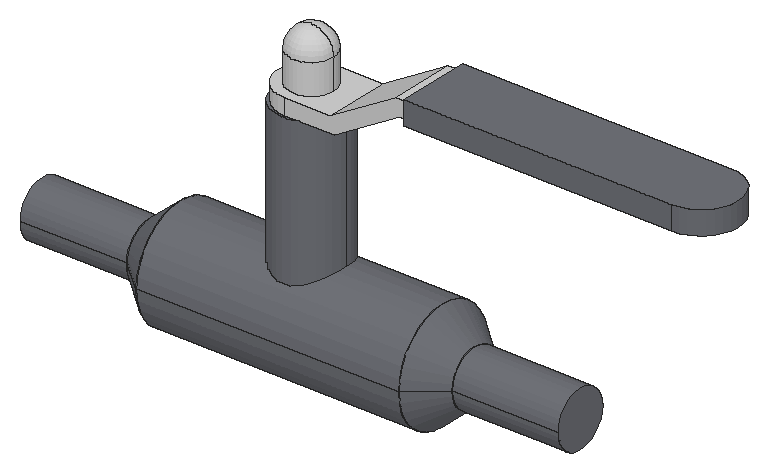
Revit family "РИДАН_RJIP Premium FB_WW_H DN15-125", category Арматура трубопроводов, Revit 2019
Family settings
  Размер круглого соединителя = Использовать диаметр
  Тип детали = Вставляется
  На основе рабочей плоскости = Нет
  Всегда вертикально = Да
  При загрузке вырезать с полостями = Нет
  Общий = Нет
Parameters (values of type "DN 15")
  Контакты_Производитель = "info@ridan.ru"  # constant formula
  Изготовитель = "ООО «Ридан-Трейд»"  # constant formula
  i = (a * 2) + (b * 2) + c  # 205.02 mm
  h = size_lookup(LT, "h", 20 mm, ADSK_Диаметр условный)  # 27 mm
  g = size_lookup(LT, "g", 20 mm, ADSK_Диаметр условный)  # 73 mm
  f = size_lookup(LT, "f", 20 mm, ADSK_Диаметр условный)  # 42 mm
  e = size_lookup(LT, "e", 20 mm, ADSK_Диаметр условный)  # 21 mm
  d = size_lookup(LT, "d", 20 mm, ADSK_Диаметр условный)  # 50 mm
  c = size_lookup(LT, "c", 20 mm, ADSK_Диаметр условный)  # 100 mm
  b = size_lookup(LT, "b", 20 mm, ADSK_Диаметр условный)  # 12 mm
  a = size_lookup(LT, "a", 20 mm, ADSK_Диаметр условный)  # 40.51 mm
  URL = "https://ridan.ru/"
  LT = "Table"  # constant formula
  ADSK_Расход жидкости = 0 m³/h
  ADSK_Пропускная способность = size_lookup(LT, "Kvs", 0 m³/h, ADSK_Диаметр условный)  # 18 m³/h
  ADSK_Потеря давления жидкости = 100000.0 Pa * (ADSK_Расход жидкости / ADSK_Пропускная способность) ^ 2  # 0.0 Pa
  ADSK_Наименование = size_lookup(LT, "Name", "", ADSK_Диаметр условный)  # "RJIP Premium Кран шаровой FB WW DN15 PN40 H (приварной, с рукояткой, полнопроходной)"
  ADSK_Масса_Текст = ""
  ADSK_Масса = size_lookup(LT, "M", 0, ADSK_Диаметр условный)  # 1.5
  ADSK_Марка = size_lookup(LT, "Mark", "", ADSK_Диаметр условный)  # "RJIP Premium FB WW DN15 PN40 H"
  ADSK_Количество = 1  # constant formula
  ADSK_Код изделия = size_lookup(LT, "", "", ADSK_Диаметр условный)  # "065N1100R"
  ADSK_Завод-изготовитель = "ООО «Ридан-Трейд»"  # constant formula
  ADSK_Единица измерения = "шт."
  ADSK_Диаметр условный = 15 mm
  ADSK_Версия семейства = "1.0"  # constant formula
  ADSK_Версия Revit = "2019"  # constant formula
Types (11, lengths in mm): name | i | h | g | f | e | d | c | b | a | ADSK_Пропускная способность | ADSK_Наименование | ADSK_Масса | ADSK_Марка | ADSK_Код изделия | ADSK_Диаметр условный
  (no name) | 205.02 | 27 | 73 | 42 | 21 | 50 | 100 | 12 | 40.51 | 18 m³/h | "RJIP Premium Кран шаровой FB WW DN15 PN40 H (приварной, с рукояткой, полнопроходной)" | 1.5 | "RJIP Premium FB WW DN15 PN40 H" | "065N1100R" | 15
  DN 15 | 205.02 | 27 | 73 | 42 | 21 | 50 | 100 | 12 | 40.51 | 18 m³/h | "RJIP Premium Кран шаровой FB WW DN15 PN40 H (приварной, с рукояткой, полнопроходной)" | 1.5 | "RJIP Premium FB WW DN15 PN40 H" | "065N1100R" | 15
  DN 20 | 230 | 27 | 76 | 42 | 34 | 35 | 70 | 15 | 65 | 46 m³/h | "RJIP Premium Кран шаровой FB WW DN20 PN40 H (приварной, с рукояткой, полнопроходной)" | 1.4 | "RJIP Premium FB WW DN20 PN40 H" | "065N1105R" | 20
  DN 25 | 260.01 | 27 | 80.5 | 57 | 42 | 31.19 | 62.39 | 18.81 | 80 | 71 m³/h | "RJIP Premium Кран шаровой FB WW DN25 PN40 H (приварной, с рукояткой, полнопроходной)" | 1.75 | "RJIP Premium FB WW DN25 PN40 H" | "065N1110R" | 25
  DN 32 | 300 | 34 | 86.5 | 76 | 48 | 35 | 70 | 25 | 90 | 79 m³/h | "RJIP Premium Кран шаровой FB WW DN32 PN40 H (приварной, с рукояткой, полнопроходной)" | 4.05 | "RJIP Premium FB WW DN32 PN40 H" | "065N1115R" | 32
  DN 40 | 300 | 34 | 93 | 89 | 57 | 43.6 | 87.2 | 25 | 81.4 | 125 m³/h | "RJIP Premium Кран шаровой FB WW DN40 PN40 H (приварной, с рукояткой, полнопроходной)" | 5 | "RJIP Premium FB WW DN40 PN40 H" | "065N1120R" | 40
  DN 50 | 300 | 34 | 107.98 | 114 | 60 | 60 | 120 | 46 | 44 | 189 m³/h | "RJIP Premium Кран шаровой FB WW DN50 PN40 H (приварной, с рукояткой, полнопроходной)" | 6.5 | "RJIP Premium FB WW DN50 PN40 H" | "065N1125R" | 50
  DN 65 | 300 | 39 | 124 | 140 | 76 | 75 | 150 | 35.52 | 39.48 | 328 m³/h | "RJIP Premium Кран шаровой FB WW DN65 PN25 H (приварной, с рукояткой, полнопроходной)" | 9 | "RJIP Premium FB WW DN65 PN25 H" | "065N1130R" | 65
  DN 80 | 325 | 39 | 135.5 | 159 | 89 | 80 | 160 | 50 | 32.5 | 494 m³/h | "RJIP Premium Кран шаровой FB WW DN80 PN25 H (приварной, с рукояткой, полнопроходной)" | 12.5 | "RJIP Premium FB WW DN80 PN25 H" | "065N1135R" | 80
  DN 100 | 320 | 49 | 150 | 180 | 108 | 91.5 | 183 | 43.5 | 25 | 1358 m³/h | "RJIP Premium Кран шаровой FB WW DN100 PN25 H (приварной, с рукояткой, полнопроходной)" | 13.83 | "RJIP Premium FB WW DN100 PN25 H" | "065N1740R" | 100
  DN 125 | 350 | 49 | 172 | 219 | 133 | 110 | 220 | 28.57 | 36.43 | 2156 m³/h | "RJIP Premium Кран шаровой FB WW DN125 PN25 H (приварной, с рукояткой, полнопроходной)" | 25 | "RJIP Premium FB WW DN125 PN25 H" | "065N1745R" | 125
Reference planes
  plane 1 "По центру (Вперед/Назад)": y = 0
  plane 2: z = 0
  plane 3 "По центру (Влево/Вправо)": x = 0
  plane 4: x = -102.51
  plane 5: x = -62
  plane 6: x = -50
  plane 7: x = 102.51
  plane 8: x = 62
  plane 9: x = 50
  plane 10: z = 73
Forms (mm)
  Extrusion 1, solid, material "Корпус RJIP", detail levels fine
    sketch origin (0, 0, 0) x (0, 1, 0) y (0, 0, 1)
      loop
        circle (0, 0) r 10.5
    from -102.51 to -62
  Extrusion 2, solid, material "Корпус RJIP", detail levels fine
    sketch origin (0, 0, 0) x (0, 1, 0) y (0, 0, 1)
      loop
        circle (0, 0) r 10.5
    from 62 to 102.51
  Blend 3, solid, material "Корпус RJIP", detail levels fine
    base sketch origin (0, 0, 0) x (0, 1, 0) y (0, 0, 1)
      loop
        circle (0, 0) r 10.5
    top sketch origin (0, 0, 0) x (0, 1, 0) y (0, 0, 1)
      loop
        circle (0, 0) r 21
    from -62 to -50
  Blend 4, solid, material "Корпус RJIP", detail levels fine
    base sketch origin (0, 0, 0) x (0, 1, 0) y (0, 0, 1)
      loop
        circle (0, 0) r 10.5
    top sketch origin (0, 0, 0) x (0, 1, 0) y (0, 0, 1)
      loop
        circle (0, 0) r 21
    from 62 to 50
  Extrusion 5, solid, material "Корпус RJIP", detail levels fine
    sketch origin (0, 0, 0) x (0, 1, 0) y (0, 0, 1)
      loop
        circle (0, 0) r 21
    from -50 to 50
  Extrusion 6, solid, material "Корпус RJIP", detail levels fine
    sketch origin (0, 0, 0) x (1, 0, 0) y (0, 1, 0)
      loop
        circle (0, 0) r 13.5
    from 0 to 73
Cuts and joins
  joined: Extrusion 5, Extrusion 6
Dimensions and locks
  "a": plane 4 to plane 5
  "b": plane 5 to plane 6
  "c": plane 6 to plane 9
  "b": plane 8 to plane 9
  "a": plane 7 to plane 8
  "d": plane 6 to plane 3 "По центру (Влево/Вправо)"
  "g": plane 10 to plane 2
  "e": diameter of Extrusion 1 sketch curve
  "e": diameter of Extrusion 2 sketch curve
  "e": diameter of Blend 3 sketch curve
  "f": diameter of Blend 3 sketch curve
  "e": diameter of Blend 4 sketch curve
  "f": diameter of Blend 4 sketch curve
  "f": diameter of Extrusion 5 sketch curve
  "h": diameter of Extrusion 6 sketch curve
  aligned and locked: level to plane 2
  aligned and locked: Extrusion 1 to plane 5
  aligned and locked: plane 4 to Extrusion 1
  aligned and locked: Extrusion 2 to plane 8
  aligned and locked: plane 7 to Extrusion 2
  aligned and locked: Blend 3 to plane 6
  aligned and locked: plane 5 to Blend 3
  aligned and locked: Blend 4 to plane 9
  aligned and locked: plane 8 to Blend 4
  aligned and locked: plane 6 to Extrusion 5
  aligned and locked: plane 9 to Extrusion 5
  aligned and locked: Extrusion 6 to plane 10
  aligned and locked: plane 3 "По центру (Влево/Вправо)" to nested 1
  aligned and locked: plane 10 to nested 1
  aligned and locked: plane 3 "По центру (Влево/Вправо)" to nested 2
  aligned and locked: plane 3 "По центру (Влево/Вправо)" to nested 3
Automatic sketch dimensions
  Extrusion 1 sketch curve to level = 0 mm
  Extrusion 1 sketch curve to plane 1 "По центру (Вперед/Назад)" = 0 mm
  Extrusion 2 sketch curve to level = 0 mm
  Extrusion 2 sketch curve to plane 1 "По центру (Вперед/Назад)" = 0 mm
  Blend 3 sketch curve to level = 0 mm  (x2)
  Blend 3 sketch curve to plane 1 "По центру (Вперед/Назад)" = 0 mm  (x2)
  Blend 4 sketch curve to level = 0 mm  (x2)
  Blend 4 sketch curve to plane 1 "По центру (Вперед/Назад)" = 0 mm  (x2)
  Extrusion 5 sketch curve to level = 0 mm
  Extrusion 5 sketch curve to plane 1 "По центру (Вперед/Назад)" = 0 mm
  plane 1 "По центру (Вперед/Назад)" to Extrusion 6 sketch curve = 0 mm
  Extrusion 6 sketch curve to plane 3 "По центру (Влево/Вправо)" = 0 mm
Nested families
  nested 1: "Рукоятка RJIP" at (0, 0, 73), ADSK_Диаметр условный <- "ADSK_Диаметр условный", type "Рукоятка RJIP"
    with l 28 mm, k 25 mm, j 8.5 mm, i 18 mm, h 9 mm, g1 16.5 mm, g 3 mm, f1 256.1 mm, f 148.6 mm, e1 135.05 mm, e 46.42 mm, d1 29 mm, d 42.99 mm, c1 27 mm, c 17.99 mm, b1 33 mm, b 17.5 mm, a1 40 mm, a 6 mm, Var2 no, Var1 yes, ADSK_Диаметр условный 15 mm
  nested 2: "УГО_клапана" at (0, 0, 0), УГО_Длина <- "i", type "УГО_клапана", detail levels coarse+medium
    with УГО_Длина 205.02 mm, УГО_Высота 156.446 mm
  nested 3: "УГО_ЭУ_клапана" at (0, 0, 0), type "УГО_ЭУ_клапана", detail levels coarse+medium
    with УГО_Длина 100 mm, УГО_Высота 76.308 mm
Connectors
  piping at (-102.51, 0, 0), diameter 15, driven by "ADSK_Диаметр условный", driven by "ADSK_Расход жидкости"
    settings: on plane 4, index 1, connector inside diameter 609.6 mm, connector length 0 mm, flow factor 0, pipe flow 0 m³/h, pressure drop 0.0 Pa, fitting loss kfactor 0, connector angle 0.00°, fixture units 0, engagement length 0 mm, angle of deflection 0.00°, flow configuration 0, flow direction 1, fitting loss method 0, system type 29, joint type 0, gender type 0, connector reference index 2, connector utility 0, adjustable connector no, is connector primary yes, connector description ""
  piping at (102.51, 0, 0), diameter 15, driven by "ADSK_Диаметр условный", driven by "ADSK_Расход жидкости", driven by "ADSK_Потеря давления жидкости"
    settings: on plane 7, index 2, connector inside diameter 609.6 mm, connector length 0 mm, flow factor 0, pipe flow 0 m³/h, pressure drop 0.0 Pa, fitting loss kfactor 0, connector angle 0.00°, fixture units 0, engagement length 0 mm, angle of deflection 0.00°, flow configuration 0, flow direction 2, fitting loss method 4, system type 29, joint type 0, gender type 0, connector reference index 1, connector utility 0, adjustable connector no, is connector primary no, connector description ""
Definition of nested family "Рукоятка RJIP"
  Parameters (values of type "Рукоятка RJIP")
    l [instance] = size_lookup(LT, "l", 20 mm, ADSK_Диаметр условный)  # 28 mm
    k [instance] = size_lookup(LT, "k", 20 mm, ADSK_Диаметр условный)  # 25 mm
    j [instance] = size_lookup(LT, "j", 20 mm, ADSK_Диаметр условный)  # 8.5 mm
    i [instance] = size_lookup(LT, "i", 20 mm, ADSK_Диаметр условный)  # 18 mm
    h [instance] = size_lookup(LT, "h", 20 mm, ADSK_Диаметр условный)  # 9 mm
    g1 [instance] = size_lookup(LT, "g1", 20 mm, ADSK_Диаметр условный)  # 16.5 mm
    g [instance] = size_lookup(LT, "g", 20 mm, ADSK_Диаметр условный)  # 3 mm
    f1 [instance] = size_lookup(LT, "f1", 20 mm, ADSK_Диаметр условный)  # 256.1 mm
    f [instance] = size_lookup(LT, "f", 20 mm, ADSK_Диаметр условный)  # 148.6 mm
    e1 [instance] = size_lookup(LT, "e1", 20 mm, ADSK_Диаметр условный)  # 135.05 mm
    e [instance] = size_lookup(LT, "e", 20 mm, ADSK_Диаметр условный)  # 46.42 mm
    d1 [instance] = size_lookup(LT, "d1", 20 mm, ADSK_Диаметр условный)  # 29 mm
    d [instance] = size_lookup(LT, "d", 20 mm, ADSK_Диаметр условный)  # 42.99 mm
    c1 [instance] = size_lookup(LT, "c1", 20 mm, ADSK_Диаметр условный)  # 27 mm
    c [instance] = size_lookup(LT, "c", 20 mm, ADSK_Диаметр условный)  # 17.99 mm
    b1 [instance] = size_lookup(LT, "b1", 20 mm, ADSK_Диаметр условный)  # 33 mm
    b [instance] = size_lookup(LT, "b", 20 mm, ADSK_Диаметр условный)  # 17.5 mm
    a1 [instance] = size_lookup(LT, "a1", 20 mm, ADSK_Диаметр условный)  # 40 mm
    a [instance] = size_lookup(LT, "a", 20 mm, ADSK_Диаметр условный)  # 6 mm
    Var2 [instance] = not(Var1)  # no
    Var1 [instance] = ADSK_Диаметр условный < 51 mm  # yes
    LT = "handle"  # constant formula
    ADSK_Диаметр условный [instance] = 15 mm
  Reference planes
    plane 1 "По центру (Вперед/Назад)": y = 0
    plane 2: z = 0
    plane 3 "По центру (Влево/Вправо)": x = 0
    plane 4: z = 6
    plane 5: x = -12.5
    plane 6: x = 42.99
    plane 7: z = 3
    plane 8: z = 18
    plane 9: z = 22.5
    plane 10: z = 13.5
    plane 11: x = 17.99
    plane 12: y = 12.5
    plane 13: y = -12.5
    plane 14: y = 14
    plane 15: y = -14
    plane 16: x = 46.42
    plane 17: x = 148.6
    plane 18: z = 17.5
    plane 19: z = 33
    plane 20: z = 16.5
    plane 21: x = 135.05
    plane 22: x = 256.1
  Forms (mm)
    Sweep 1, solid, visible <- "Var1"
      path origin (0, 0, 0) x (1, 0, 0) y (0, 0, 1)
        loop
          line (0, 3) -> (17.99, 3) -> (42.99, 18) -> (46.42, 18)
      profile origin (8.995, 0, 3) x (0, 0, 1) y (0, -1, 0)
        loop
          line (3, -12.5) -> (3, 12.5) -> (-3, 12.5) -> (-3, -12.5) -> (3, -12.5)
    Extrusion 2, solid, visible <- "Var1"
      sketch origin (0, 0, 0) x (1, 0, 0) y (0, 1, 0)
        loop
          arc (0, 12.5) -> (-12.5, 0) -> (0, -12.5) r 12.5
          line (0, -12.5) -> (0, 12.5)
      from 0 to 6
    Sweep 3, solid, visible <- "Var1"
      path origin (0, 0, 0) x (1, 0, 0) y (0, 0, 1)
        loop
          line (46.42, 18) -> (148.6, 18)
      profile origin (97.51, 0, 18) x (0, 0, 1) y (0, -1, 0)
        loop
          line (4.5, -14) -> (4.5, 14) -> (-4.5, 14) -> (-4.5, -14) -> (4.5, -14)
    Extrusion 4, solid, visible <- "Var1"
      sketch origin (0, 0, 0) x (1, 0, 0) y (0, 1, 0)
        loop
          line (148.6, 14) -> (148.6, -14)
          arc (148.6, -14) -> (162.6, 0) -> (148.6, 14) r 14
      from 13.5 to 22.5
    Extrusion 5, solid, visible <- "Var1"
      sketch origin (0, 0, 0) x (1, 0, 0) y (0, 1, 0)
        loop
          circle (0, 0) r 8.5
      from 6 to 17.5
    Revolve 6, solid, visible <- "Var1"
      sketch origin (0, 0, 0) x (1, 0, 0) y (0, 0, 1)
        loop
          line (0, 17.5) -> (0, 26)
          arc (0, 26) -> (-6.01, 23.51) -> (-8.5, 17.5) r 8.5
          line (-8.5, 17.5) -> (0, 17.5)
        axis (0, 26) -> (0, 17.5)
      angle from 0 to 360
    Extrusion 7, solid, visible <- "Var2"
      sketch origin (0, 0, 0) x (1, 0, 0) y (0, 1, 0)
        loop
          circle (0, 0) r 20
      from 0 to 33
    Extrusion 8, solid, visible <- "Var2"
      sketch origin (0, 0, 0) x (0, 1, 0) y (0, 0, 1)
        loop
          circle (0, 16.5) r 13.5
      from 0 to 135.05
    Extrusion 9, solid, visible <- "Var2"
      sketch origin (0, 0, 0) x (0, 1, 0) y (0, 0, 1)
        loop
          circle (0, 16.5) r 14.5
      from 135.05 to 256.1
  Cuts and joins
    joined: Sweep 1, Extrusion 2
    joined: Sweep 3, Extrusion 4
    joined: Extrusion 5, Revolve 6
  Dimensions and locks
    "g": plane 7 to plane 2
    "a": plane 4 to plane 2
    plane 18 to plane 2 = 17.5 mm
    "j": Revolve 6 sketch curve to Revolve 6 sketch curve  (x2)
    "c": plane 11 to plane 3 "По центру (Влево/Вправо)"
    "d": plane 6 to plane 3 "По центру (Влево/Вправо)"
    "e": plane 16 to plane 3 "По центру (Влево/Вправо)"
    "f": plane 17 to plane 3 "По центру (Влево/Вправо)"
    "i": plane 8 to plane 2
    "h": plane 9 to plane 10
    equal spacing: plane 9, plane 8, plane 10
    "b1": plane 19 to plane 2
    "g1": plane 20 to plane 2
    "e1": plane 21 to plane 3 "По центру (Влево/Вправо)"
    "f1": plane 22 to plane 3 "По центру (Влево/Вправо)"
    "j": radius of Extrusion 5 sketch curve
    "j": radius of Revolve 6 sketch curve
    "a1": diameter of Extrusion 7 sketch curve
    "c1": diameter of Extrusion 8 sketch curve
    "d1": diameter of Extrusion 9 sketch curve
    aligned and locked: level to plane 2
    aligned and locked: plane 11 to Sweep 1 sketch curve
    aligned and locked: plane 16 to Sweep 1 sketch curve
    aligned and locked: plane 6 to Sweep 1 sketch curve
    aligned and locked: plane 7 to Sweep 1 sketch curve
    aligned and locked: Sweep 1 sketch curve to plane 7
    aligned and locked: Sweep 1 sketch curve to plane 8
    aligned and locked: plane 4 to Sweep 1 sketch curve
    aligned and locked: plane 12 to Sweep 1 sketch curve
    aligned and locked: Sweep 1 sketch curve to plane 2
    aligned and locked: Sweep 1 sketch curve to plane 13
    aligned and locked: plane 3 "По центру (Влево/Вправо)" to Extrusion 2 sketch curve  (x3)
    aligned and locked: plane 1 "По центру (Вперед/Назад)" to Extrusion 2 sketch curve
    aligned and locked: plane 12 to Extrusion 2 sketch curve
    aligned and locked: plane 4 to Extrusion 2
    aligned and locked: plane 3 "По центру (Влево/Вправо)" to Sweep 1 sketch curve
    aligned and locked: plane 16 to Sweep 3 sketch curve
    aligned and locked: plane 17 to Sweep 3 sketch curve
    aligned and locked: plane 9 to Sweep 3 sketch curve
    aligned and locked: plane 14 to Sweep 3 sketch curve
    aligned and locked: Sweep 3 sketch curve to plane 10
    aligned and locked: Sweep 3 sketch curve to plane 15
    aligned and locked: plane 17 to Extrusion 4 sketch curve  (x3)
    aligned and locked: plane 14 to Extrusion 4 sketch curve
    aligned and locked: plane 15 to Extrusion 4 sketch curve
    aligned and locked: Extrusion 4 to plane 10
    aligned and locked: plane 9 to Extrusion 4
    aligned and locked: Extrusion 5 to plane 4
    aligned and locked: Extrusion 5 to plane 18
    aligned and locked: plane 18 to Revolve 6 sketch curve  (x2)
    aligned and locked: plane 3 "По центру (Влево/Вправо)" to Revolve 6 sketch curve  (x2)
    aligned and locked: plane 19 to Extrusion 7
    aligned and locked: Extrusion 8 to plane 3 "По центру (Влево/Вправо)"
    aligned and locked: plane 21 to Extrusion 8
    aligned and locked: Extrusion 9 to plane 21
    aligned and locked: plane 22 to Extrusion 9
  Automatic sketch dimensions
    Sweep 3 sketch curve to plane 8 = 0 mm
    plane 1 "По центру (Вперед/Назад)" to Extrusion 5 sketch curve = 0 mm
    Extrusion 5 sketch curve to plane 3 "По центру (Влево/Вправо)" = 0 mm
    Revolve 6 sketch curve to plane 3 "По центру (Влево/Вправо)" = 0 mm
    level to Revolve 6 sketch curve = 0.962 mm
    Revolve 6 sketch curve to plane 18 = 0.162 mm
    plane 1 "По центру (Вперед/Назад)" to Extrusion 7 sketch curve = 0 mm
    Extrusion 7 sketch curve to plane 3 "По центру (Влево/Вправо)" = 0 mm
    Extrusion 8 sketch curve to plane 1 "По центру (Вперед/Назад)" = 0 mm
    Extrusion 8 sketch curve to plane 20 = 0 mm
    Extrusion 9 sketch curve to plane 1 "По центру (Вперед/Назад)" = 0 mm
    Extrusion 9 sketch curve to plane 20 = 0 mm
Definition of nested family "УГО_клапана"
  Parameters (values of type "УГО_клапана")
    УГО_Длина [instance] = 48 mm
    УГО_Высота [instance] = УГО_Длина * 0.76308  # 36.628 mm
  Reference planes
    plane 1 "По центру (Вперед/Назад)": y = 0
    plane 2: z = 0
    plane 3 "По центру (Влево/Вправо)": x = 0
    plane 4: x = -24
    plane 5: x = 24
    plane 6: z = 18.314
    plane 7: z = -18.314
  Forms (mm)
    Extrusion 1, solid, detail levels coarse+medium
      sketch origin (0, 0, 0) x (1, 0, 0) y (0, 0, 1)
        loop
          line (-24, -18.314) -> (0, 0) -> (-24, 18.314) -> (-24, -18.314)
      from -0.5 to 0.5
    Extrusion 2, solid, detail levels coarse+medium
      sketch origin (0, 0, 0) x (1, 0, 0) y (0, 0, 1)
        loop
          line (24, -18.314) -> (24, 18.314) -> (0, 0) -> (24, -18.314)
      from -0.5 to 0.5
  Dimensions and locks
    equal spacing: plane 5, plane 3 "По центру (Влево/Вправо)", plane 4
    "УГО_Длина": plane 5 to plane 4
    equal spacing: plane 6, plane 2, plane 7
    "УГО_Высота": plane 6 to plane 7
    aligned and locked: level to plane 2
    aligned and locked: plane 4 to Extrusion 1 sketch curve
    aligned and locked: Extrusion 2 sketch curve to plane 5
  Automatic sketch dimensions
    Extrusion 1 sketch curve to level = 0 mm
    Extrusion 1 sketch curve to plane 3 "По центру (Влево/Вправо)" = 0 mm
    Extrusion 1 sketch curve to plane 7 = 0 mm
    Extrusion 1 sketch curve to plane 6 = 0 mm
    Extrusion 2 sketch curve to level = 0 mm
    Extrusion 2 sketch curve to plane 3 "По центру (Влево/Вправо)" = 0 mm
    Extrusion 2 sketch curve to plane 7 = 0 mm
    Extrusion 2 sketch curve to plane 6 = 0 mm
Definition of nested family "УГО_ЭУ_клапана"
  Parameters (values of type "УГО_ЭУ_клапана")
    УГО_Длина [instance] = 100 mm
    УГО_Высота [instance] = УГО_Длина * 0.76308  # 76.308 mm
  Reference planes
    plane 1 "По центру (Вперед/Назад)": y = 0
    plane 2: z = 0
    plane 3 "По центру (Влево/Вправо)": x = 0
    plane 4: x = -50
    plane 5: x = 50
    plane 6: y = 38.154
    plane 7: y = -38.154
  Lines and regions (mm)
    Filled region 1, type "Сплошная заливка - Белый", in view "Опорный уровень"
      outline origin (0, 0, 0) x (1, 0, 0) y (0, 1, 0)
        loop
          line (-50, -38.154) -> (0, 0) -> (-50, 38.154) -> (-50, -38.154)
    Filled region 2, type "Сплошная заливка - Белый", in view "Опорный уровень"
      outline origin (0, 0, 0) x (1, 0, 0) y (0, 1, 0)
        loop
          line (50, -38.154) -> (50, 38.154) -> (0, 0) -> (50, -38.154)
  Dimensions and locks
    equal spacing: plane 4, plane 3 "По центру (Влево/Вправо)", plane 5
    "УГО_Длина": plane 4 to plane 5
    equal spacing: plane 6, plane 1 "По центру (Вперед/Назад)", plane 7
    "УГО_Высота": plane 6 to plane 7
    aligned and locked: plane 4 to Filled region 1 sketch curve
    aligned and locked: Filled region 1 to plane 4
  Automatic sketch dimensions
    plane 1 "По центру (Вперед/Назад)" to Filled region 1 sketch curve = 0 mm
    Filled region 1 sketch curve to plane 3 "По центру (Влево/Вправо)" = 0 mm
    plane 7 to Filled region 1 sketch curve = 0 mm
    Filled region 1 sketch curve to plane 6 = 0 mm
    plane 1 "По центру (Вперед/Назад)" to Filled region 2 sketch curve = 0 mm
    Filled region 2 sketch curve to plane 3 "По центру (Влево/Вправо)" = 0 mm
    Filled region 2 sketch curve to plane 5 = 0 mm
    plane 7 to Filled region 2 sketch curve = 0 mm
    Filled region 2 sketch curve to plane 6 = 0 mm
